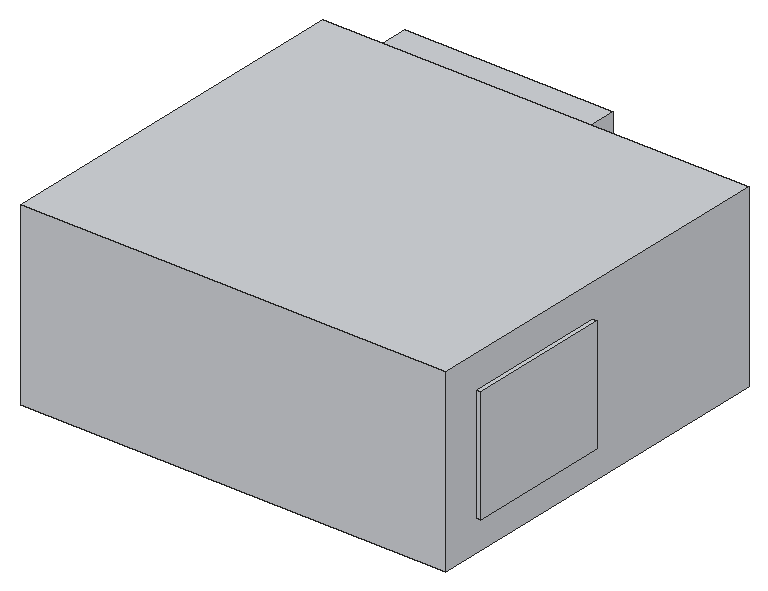
Revit family "VAV Unit - Parallel Fan Powered", category Mechanical Equipment, Revit 2026
Family settings
  Round Connector Dimension = Use Radius
  Part Type = Normal
  Work Plane-Based = No
  Always vertical = Yes
  Cut with Voids When Loaded = No
  Maintain Annotation Orientation = No
  Shared = No
  Room Calculation Point = No
Parameters (values of type "Size 2 - 6 inch Inlet")
  Width2 = SupplyConnectorWidth  # 1' - 2"
  Voltage = 120 V
  VAV Material = none
  UnitWidth = 3' - 4 7/8"
  UnitHeight = 3' - 0 1/4"
  UnitDepth = 1' - 5 1/8"
  SupplyConnectorWidth = 1' - 2"
  SupplyConnectorVerticalOffset = 0' - 2 1/8"
  SupplyConnectorLength = 0' - 0 1/2"
  SupplyConnectorHorizontalOffset = 0' - 3 1/2"
  SupplyConnectorDepth = 0' - 11"
  SupplyAirConnectorIndex = 2
  SupplyAirConnectorCenterOffset = SupplyConnectorHorizontalOffset + (SupplyConnectorWidth / 2)  # 0' - 10 1/2"
  PrimaryToSupplyRatio [instance] = 0.2
  PrimaryAirOffset = 0' - 6"
  PrimaryAirFlow [instance] = SupplyAirFlow * PrimaryToSupplyRatio  # 100 CFM
  PrimaryAirConnectorVerticalOffset = UnitDepth / 2  # 0' - 8 9/16"
  PrimaryAirConnectorRadius = PrimaryAirConnectorDiameter / 2  # 0' - 3"
  PrimaryAirConnectorLength = 0' - 3 3/8"
  PrimaryAirConnectorIndex = 1
  PrimaryAirConnectorDiameter = 0' - 6"
  PrimaryAirConnectorCenterOffset = PrimaryAirOffset  # 0' - 6"
  Pressure Drop [instance] = 0.04 in-wg
  Number of Poles = 1
  Load Classification = Cooling
  InducedAirInletWidth = 1' - 4"
  InducedAirInletDepth = 1' - 2"
  InducedAirConnectorIndex = 3
  InducedAirConnectorHorizontalOffset = 0' - 1"
  InducedAirConnectorCenterOffset = InducedAirConnectorHorizontalOffset + (InducedAirInletWidth / 2)  # 0' - 9"
  Height2 = SupplyConnectorDepth  # 0' - 11"
  ElectricalConnectionBoxWidth = 1' - 8"
  ElectricalConnectionBoxOffset = 0' - 2 7/8"
  ElectricalConnectionBoxHeight = 0' - 6 1/4"
  ElectricalConnectionBoxDepth = 1' - 0"
  Default Elevation = 0' - 0"
  SupplyAirFlow [instance] = 500 CFM
  Apparent Load = 181 VA
Types (19): name | Width2 | UnitWidth | UnitHeight | UnitDepth | SupplyConnectorWidth | SupplyConnectorVerticalOffset | SupplyConnectorHorizontalOffset | SupplyConnectorDepth | SupplyAirConnectorCenterOffset | PrimaryAirOffset | PrimaryAirFlow | PrimaryAirConnectorVerticalOffset | PrimaryAirConnectorRadius | PrimaryAirConnectorDiameter | PrimaryAirConnectorCenterOffset | Pressure Drop | InducedAirInletWidth | InducedAirInletDepth | InducedAirConnectorCenterOffset | Height2 | ElectricalConnectionBoxOffset | SupplyAirFlow | Apparent Load
  Size 2 - 6 inch Inlet | 1' - 2" | 3' - 4 7/8" | 3' - 0 1/4" | 1' - 5 1/8" | 1' - 2" | 0' - 2 1/8" | 0' - 3 1/2" | 0' - 11" | 0' - 10 1/2" | 0' - 6" | 100 CFM | 0' - 8 9/16" | 0' - 3" | 0' - 6" | 0' - 6" | 0.04 in-wg | 1' - 4" | 1' - 2" | 0' - 9" | 0' - 11" | 0' - 2 7/8" | 500 CFM | 181 VA
  Size 2 - 8 inch Inlet | 1' - 2" | 3' - 4 7/8" | 3' - 0 1/4" | 1' - 5 1/8" | 1' - 2" | 0' - 2 1/8" | 0' - 3 1/2" | 0' - 11" | 0' - 10 1/2" | 0' - 6" | 180 CFM | 0' - 8 9/16" | 0' - 4" | 0' - 8" | 0' - 6" | 0.02 in-wg | 1' - 4" | 1' - 2" | 0' - 9" | 0' - 11" | 0' - 2 7/8" | 900 CFM | 271 VA
  Size 2 - 10 inch Inlet | 1' - 2" | 3' - 4 7/8" | 3' - 0 1/4" | 1' - 5 1/8" | 1' - 2" | 0' - 2 1/8" | 0' - 3 1/2" | 0' - 11" | 0' - 10 1/2" | 0' - 7" | 280 CFM | 0' - 8 9/16" | 0' - 5" | 0' - 10" | 0' - 7" | 0.01 in-wg | 1' - 4" | 1' - 2" | 0' - 9" | 0' - 11" | 0' - 4 7/8" | 1400 CFM | 542 VA
  Size 2 - 12 inch Inlet | 1' - 2" | 3' - 4 7/8" | 3' - 0 1/4" | 1' - 5 1/8" | 1' - 2" | 0' - 2 1/8" | 0' - 3 1/2" | 0' - 11" | 0' - 10 1/2" | 0' - 8" | 400 CFM | 0' - 8 9/16" | 0' - 6" | 1' - 0" | 0' - 8" | 0.01 in-wg | 1' - 4" | 1' - 2" | 0' - 9" | 0' - 11" | 0' - 4 7/8" | 2000 CFM | 542 VA
  Size 3 - 6 inch Inlet | 1' - 2" | 3' - 4 7/8" | 3' - 0 1/4" | 1' - 5 1/8" | 1' - 2" | 0' - 2 1/8" | 0' - 3 1/2" | 0' - 11" | 0' - 10 1/2" | 0' - 6" | 100 CFM | 0' - 8 9/16" | 0' - 3" | 0' - 6" | 0' - 6" | 0.02 in-wg | 1' - 4" | 1' - 2" | 0' - 9" | 0' - 11" | 0' - 2 7/8" | 500 CFM | 181 VA
  Size 3 - 8 inch Inlet | 1' - 2" | 3' - 4 7/8" | 3' - 0 1/4" | 1' - 5 1/8" | 1' - 2" | 0' - 2 1/8" | 0' - 3 1/2" | 0' - 11" | 0' - 10 1/2" | 0' - 6" | 180 CFM | 0' - 8 9/16" | 0' - 4" | 0' - 8" | 0' - 6" | 0.01 in-wg | 1' - 4" | 1' - 2" | 0' - 9" | 0' - 11" | 0' - 2 7/8" | 900 CFM | 271 VA
  Size 3 - 10 inch Inlet | 1' - 2" | 3' - 4 7/8" | 3' - 0 1/4" | 1' - 5 1/8" | 1' - 2" | 0' - 2 1/8" | 0' - 3 1/2" | 0' - 11" | 0' - 10 1/2" | 0' - 7" | 280 CFM | 0' - 8 9/16" | 0' - 5" | 0' - 10" | 0' - 7" | 0.01 in-wg | 1' - 4" | 1' - 2" | 0' - 9" | 0' - 11" | 0' - 4 7/8" | 1400 CFM | 542 VA
  Size 3 - 12 inch Inlet | 1' - 2" | 3' - 4 7/8" | 3' - 0 1/4" | 1' - 5 1/8" | 1' - 2" | 0' - 2 1/8" | 0' - 3 1/2" | 0' - 11" | 0' - 10 1/2" | 0' - 8" | 400 CFM | 0' - 8 9/16" | 0' - 6" | 1' - 0" | 0' - 8" | 0.01 in-wg | 1' - 4" | 1' - 2" | 0' - 9" | 0' - 11" | 0' - 4 7/8" | 2000 CFM | 542 VA
  Size 4 - 8 inch Inlet | 1' - 2" | 3' - 4 7/8" | 3' - 0 1/4" | 1' - 5 1/8" | 1' - 2" | 0' - 2 1/8" | 0' - 3 1/2" | 0' - 11" | 0' - 10 1/2" | 0' - 6" | 180 CFM | 0' - 8 9/16" | 0' - 4" | 0' - 8" | 0' - 6" | 0.02 in-wg | 1' - 6" | 1' - 2" | 0' - 10" | 0' - 11" | 0' - 2 7/8" | 900 CFM | 271 VA
  Size 4 - 10 inch Inlet | 1' - 2" | 3' - 4 7/8" | 3' - 0 1/4" | 1' - 5 1/8" | 1' - 2" | 0' - 2 1/8" | 0' - 3 1/2" | 0' - 11" | 0' - 10 1/2" | 0' - 7" | 280 CFM | 0' - 8 9/16" | 0' - 5" | 0' - 10" | 0' - 7" | 0.01 in-wg | 1' - 4" | 1' - 2" | 0' - 9" | 0' - 11" | 0' - 4 7/8" | 1400 CFM | 542 VA
  Size 4 - 12 inch Inlet | 1' - 2" | 3' - 4 7/8" | 3' - 0 1/4" | 1' - 5 1/8" | 1' - 2" | 0' - 2 1/8" | 0' - 3 1/2" | 0' - 11" | 0' - 10 1/2" | 0' - 8" | 400 CFM | 0' - 8 9/16" | 0' - 6" | 1' - 0" | 0' - 8" | 0.01 in-wg | 1' - 4" | 1' - 2" | 0' - 9" | 0' - 11" | 0' - 4 7/8" | 2000 CFM | 542 VA
  Size 4 - 14 inch Inlet | 1' - 2" | 3' - 4 7/8" | 3' - 0 1/4" | 1' - 5 1/8" | 1' - 2" | 0' - 2 1/8" | 0' - 3 1/2" | 0' - 11" | 0' - 10 1/2" | 0' - 10" | 600 CFM | 0' - 8 9/16" | 0' - 7" | 1' - 2" | 0' - 10" | 0.01 in-wg | 1' - 4" | 1' - 2" | 0' - 9" | 0' - 11" | 0' - 6 7/8" | 3000 CFM | 542 VA
  Size 5 - 10 inch Inlet | 1' - 4" | 3' - 10 7/8" | 4' - 0 1/4" | 1' - 8 1/8" | 1' - 4" | 0' - 3 1/8" | 0' - 9 1/2" | 1' - 2" | 1' - 5 1/2" | 0' - 7" | 280 CFM | 0' - 10 1/16" | 0' - 5" | 0' - 10" | 0' - 7" | 0.01 in-wg | 2' - 0 1/2" | 1' - 5 1/2" | 1' - 1 1/4" | 1' - 2" | 0' - 4 7/8" | 1400 CFM | 542 VA
  Size 5 - 12 inch Inlet | 1' - 4" | 3' - 10 7/8" | 4' - 0 1/4" | 1' - 8 1/8" | 1' - 4" | 0' - 3 1/8" | 0' - 9 1/2" | 1' - 2" | 1' - 5 1/2" | 0' - 8" | 400 CFM | 0' - 10 1/16" | 0' - 6" | 1' - 0" | 0' - 8" | 0.01 in-wg | 2' - 0 1/2" | 1' - 5 1/2" | 1' - 1 1/4" | 1' - 2" | 0' - 4 7/8" | 2000 CFM | 542 VA
  Size 5 - 14 inch Inlet | 1' - 4" | 3' - 10 7/8" | 4' - 0 1/4" | 1' - 8 1/8" | 1' - 4" | 0' - 3 1/8" | 0' - 9 1/2" | 1' - 2" | 1' - 5 1/2" | 0' - 10" | 600 CFM | 0' - 10 1/16" | 0' - 7" | 1' - 2" | 0' - 10" | 0.01 in-wg | 2' - 0 1/2" | 1' - 5 1/2" | 1' - 1 1/4" | 1' - 2" | 0' - 6 7/8" | 3000 CFM | 542 VA
  Size 5 - 16 inch Inlet | 1' - 4" | 3' - 10 7/8" | 4' - 0 1/4" | 1' - 8 1/8" | 1' - 4" | 0' - 3 1/8" | 0' - 9 1/2" | 1' - 2" | 1' - 5 1/2" | 0' - 11" | 800 CFM | 0' - 10 1/16" | 0' - 8" | 1' - 4" | 0' - 11" | 0.01 in-wg | 2' - 0 1/2" | 1' - 5 1/2" | 1' - 1 1/4" | 1' - 2" | 0' - 6 7/8" | 4000 CFM | 813 VA
  Size 6 - 12 inch Inlet | 1' - 4" | 3' - 10 7/8" | 4' - 0 1/4" | 1' - 8 1/8" | 1' - 4" | 0' - 3 1/8" | 0' - 9 1/2" | 1' - 2" | 1' - 5 1/2" | 0' - 8" | 400 CFM | 0' - 10 1/16" | 0' - 6" | 1' - 0" | 0' - 8" | 0.01 in-wg | 2' - 0 1/2" | 1' - 5 1/2" | 1' - 1 1/4" | 1' - 2" | 0' - 4 7/8" | 2000 CFM | 542 VA
  Size 6 - 14 inch Inlet | 1' - 4" | 3' - 10 7/8" | 4' - 0 1/4" | 1' - 8 1/8" | 1' - 4" | 0' - 3 1/8" | 0' - 9 1/2" | 1' - 2" | 1' - 5 1/2" | 0' - 10" | 600 CFM | 0' - 10 1/16" | 0' - 7" | 1' - 2" | 0' - 10" | 0.01 in-wg | 2' - 0 1/2" | 1' - 5 1/2" | 1' - 1 1/4" | 1' - 2" | 0' - 6 7/8" | 3000 CFM | 542 VA
  Size 6 - 16 inch Inlet | 1' - 4" | 3' - 10 7/8" | 4' - 0 1/4" | 1' - 8 1/8" | 1' - 4" | 0' - 3 1/8" | 0' - 9 1/2" | 1' - 2" | 1' - 5 1/2" | 0' - 11" | 800 CFM | 0' - 10 1/16" | 0' - 8" | 1' - 4" | 0' - 11" | 0.01 in-wg | 2' - 0 1/2" | 1' - 5 1/2" | 1' - 1 1/4" | 1' - 2" | 0' - 6 7/8" | 4000 CFM | 813 VA
Reference planes (in)
  plane 1 "Center (Front/Back)": y = 0
  plane 2: z = 0
  plane 3 "Center (Left/Right)": x = 0
Forms (in)
  Extrusion 1, solid, material <- "VAV Material"
    sketch origin (0, 0, 0) x (1, 0, 0) y (0, 1, 0)
      loop
        line (-20.4375, 18.125) -> (-20.4375, -18.125) -> (20.4375, -18.125) -> (20.4375, 18.125) -> (-20.4375, 18.125)
    from -8.5625 to 8.5625
  Extrusion 2, solid, material <- "VAV Material"
    sketch origin (0, 0, 0) x (0, 1, 0) y (0, 0, 1)
      loop
        circle (12.125, 0) r 3
    from -23.8125 to -20.4375
  Extrusion 3, solid, material <- "VAV Material"
    sketch origin (0, 0, 0) x (1, 0, 0) y (0, 0, 1)
      loop
        line (2.4375, 6) -> (-17.5625, 6) -> (-17.5625, -6) -> (2.4375, -6) -> (2.4375, 6)
    from -24.375 to -18.125
  Extrusion 4, void
    sketch origin (0, 0, 0) x (0, 1, 0) y (0, 0, 1)
      loop
        line (-1.125, 7) -> (-17.125, 7) -> (-17.125, -7) -> (-1.125, -7) -> (-1.125, 7)
    from -20.4375 to 0
  Extrusion 5, solid, material <- "VAV Material"
    sketch origin (0, 0, 0) x (0, 1, 0) y (0, 0, 1)
      loop
        line (-14.625, 5.5) -> (-14.625, -5.5) -> (-0.625, -5.5) -> (-0.625, 5.5) -> (-14.625, 5.5)
    from 20.4375 to 20.9375
Cuts and joins
  Extrusion 4 cuts Extrusion 1
  Extrusion 4 cuts Extrusion 2
  Extrusion 4 cuts Extrusion 3
Dimensions and locks (in)
  "UnitWidth": Extrusion 1 sketch curve to Extrusion 1 sketch curve
  "UnitHeight": Extrusion 1 sketch curve to Extrusion 1 sketch curve
  equal spacing: Extrusion 1, level, Extrusion 1
  "UnitDepth": Extrusion 1 to Extrusion 1
  equal spacing: Extrusion 1 sketch curve, plane 3 "Center (Left/Right)", Extrusion 1 sketch curve
  equal spacing: Extrusion 1 sketch curve, plane 1 "Center (Front/Back)", Extrusion 1 sketch curve
  "PrimaryAirOffset": Extrusion 1 to Extrusion 2 sketch curve
  "PrimaryAirConnectorLength": Extrusion 2 to Extrusion 1
  equal spacing: Extrusion 3 sketch curve, level, Extrusion 3 sketch curve
  "ElectricalConnectionBoxDepth": Extrusion 3 sketch curve to Extrusion 3 sketch curve
  "ElectricalConnectionBoxWidth": Extrusion 3 sketch curve to Extrusion 3 sketch curve
  "ElectricalConnectionBoxHeight": Extrusion 3 to Extrusion 1
  "ElectricalConnectionBoxOffset": Extrusion 1 to Extrusion 3
  "InducedAirInletDepth": Extrusion 4 sketch curve to Extrusion 4 sketch curve
  "InducedAirInletWidth": Extrusion 4 sketch curve to Extrusion 4 sketch curve
  "InducedAirConnectorHorizontalOffset": Extrusion 4 sketch curve to cut or joined group of Extrusion 1, Extrusion 4
  "SupplyConnectorDepth": Extrusion 5 sketch curve to Extrusion 5 sketch curve
  "SupplyConnectorHorizontalOffset": cut or joined group of Extrusion 1, Extrusion 4 to Extrusion 5 sketch curve
  "SupplyConnectorWidth": Extrusion 5 sketch curve to Extrusion 5 sketch curve
  "SupplyConnectorLength": cut or joined group of Extrusion 1, Extrusion 4 to Extrusion 5
  equal spacing: Extrusion 5 sketch curve, level, Extrusion 5 sketch curve
  equal spacing: cut or joined group of Extrusion 1, Extrusion 4, level, cut or joined group of Extrusion 1, Extrusion 4
  "PrimaryAirConnectorVerticalOffset": cut or joined group of Extrusion 1, Extrusion 4 to Extrusion 2 sketch curve
  "PrimaryAirConnectorRadius": radius of Extrusion 2 sketch curve
  aligned and locked: Extrusion 2 to Extrusion 1
  aligned and locked: Extrusion 3 to Extrusion 1
  aligned and locked: Extrusion 1 to Extrusion 4
  aligned and locked: plane 3 "Center (Left/Right)" to Extrusion 4
Automatic sketch dimensions
  plane 3 "Center (Left/Right)" to Extrusion 3 sketch curve = 0' - 2 7/16"
  Extrusion 4 sketch curve to level = 0' - 7"
Connectors (in)
  hvac at (0, -9.125, 0), driven by "InducedAirInletDepth", driven by "InducedAirInletWidth"
    settings: on cut or joined group of Extrusion 1, Extrusion 4, index 2, duct flow 0 CFM, flow factor 0, pres drop 0.00 in-wg, loss coef 0, conn angle 0.00°, conn width 16", conn height 14", conn diameter 24", duct sys type 2, conn prof type 1, flow config 0, flow direction 1, loss method 0, conn ref index -1, conn util no, is conn primary no, conn desc ""
  hvac at (-23.8125, 12.125, 0), driven by "PrimaryAirConnectorRadius", driven by "PrimaryAirFlow", driven by "Pressure Drop"
    settings: on cut or joined group of Extrusion 2, Extrusion 4, index 0, duct flow 100 CFM, flow factor 0, pres drop 0.04 in-wg, loss coef 0, conn angle 0.00°, conn width 12", conn height 12", conn diameter 6", duct sys type 1, conn prof type 0, flow config 1, flow direction 1, loss method 4, conn ref index -1, conn util no, is conn primary yes, conn desc ""
  hvac at (20.9375, -7.625, 0), driven by "SupplyConnectorDepth", driven by "SupplyConnectorWidth", driven by "SupplyAirFlow"
    settings: on Extrusion 5, index 1, duct flow 500 CFM, flow factor 0, pres drop 0.00 in-wg, loss coef 0, conn angle 0.00°, conn width 14", conn height 11", conn diameter 24", duct sys type 1, conn prof type 1, flow config 0, flow direction 2, loss method 0, conn ref index -1, conn util no, is conn primary no, conn desc ""
  electrical at (-7.5625, 24.375, 0), driven by "Apparent Load", driven by "Voltage", driven by "Number of Poles", driven by "Load Classification"
    settings: on cut or joined group of Extrusion 3, Extrusion 4, index 3, voltage 120 V, apparent load 181 VA, apparent load phase1 0 VA, apparent load phase2 0 VA, apparent load phase3 0 VA, power factor 1, load classification "Cooling", number of poles 1, system type 30, power factor state 1, is connector primary yes, connector utility no, sub classification motor no, connector description ""
